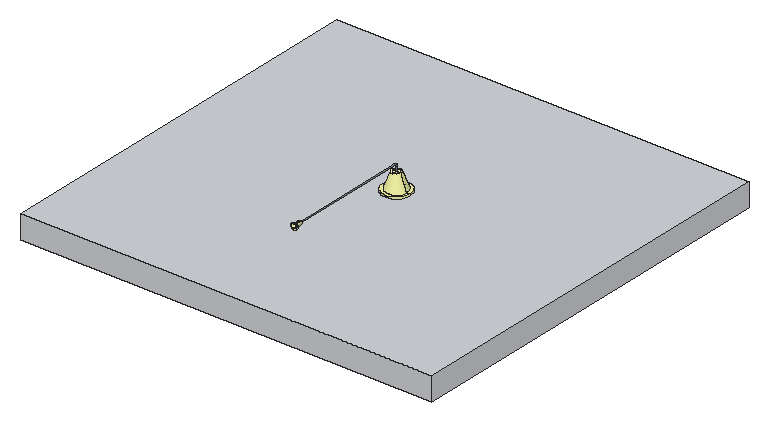
Revit family "ES_Pull Cord Switch", category Lighting Devices, host Face, Revit 2013
Parameters (values of type "1 Gang")
  Switch Voltage = 230 V
  Load Classification = Other
  Label = ""
  Default Elevation = 1200 mm
  Cord Length [instance] = 400 mm
  Cord = Cord
  Bell = Face Plate
  Assembly Code = ""
  Apparent Load = 0 VA
Reference planes
  plane 1 "Center (Front/Back)": y = 0
  plane 2: z = 0
  plane 3 "Center (Left/Right)": x = 0
  plane 4 "level above": z = 4.762
  plane 5 "level below": z = -53.975
  plane 6: x = -43
  plane 7: x = 43
  plane 8: y = 43
  plane 9: y = -43
  plane 10: y = 32
  plane 11: y = -32
  plane 12: x = -32
  plane 13: x = 32
  plane 14: z = 54.762
  plane 15: y = -400
  plane 16: y = -375
  plane 17: y = -376
  plane 18: y = -399
  plane 19: x = -3
  plane 20: x = -10
  plane 21: x = -8
  plane 22: x = -3
  plane 23: x = -10
  plane 24: x = -8
  plane 25 "Rope": z = 75
  plane 26: z = 85
  plane 27: z = 78
Forms (mm)
  Extrusion 1, solid
    sketch origin (0, 0, 0) x (1, 0, 0) y (0, 1, 0)
      loop
        line (-644.525, 571.5) -> (-644.525, -666.75) -> (644.525, -666.75) -> (644.525, 571.5) -> (-644.525, 571.5)
    from 0 to -72.672
  Revolve 2, solid, material "Face Plate"
    sketch origin (0, 0, 0) x (1, 0, 0) y (0, 0, 1)
      loop
        line (-43, 0) -> (0, 0) -> (0, 50.763) -> (-2, 50.763) -> (-2, 54.763) -> (-12.401, 54.763)
        arc (-12.401, 54.763) -> (-13.548, 54.401) -> (-14.28, 53.447) r 2
        line (-14.28, 53.447) -> (-32, 4.763) -> (-43, 4.763) -> (-43, 0)
      axis (0, 54.763) -> (0, 0)
    angle from 0 to 360
  Sweep 3, solid, material "Cord" <- "Cord"
    path origin (0, 930, 0) x (0, -1, 0) y (0, 0, 1)
      loop
        line (930, 54.762) -> (930, 70)
        arc (930, 70) -> (931.464, 73.536) -> (935, 75) r 5
        line (935, 75) -> (1305, 75)
    profile origin (0, -190, 75) x (0, 0, 1) y (-1, 0, 0)
      loop
        circle (0, 0) r 1.5
  Revolve 4, solid, material "Face Plate" <- "Bell"
    sketch origin (0, 0, 0) x (0, 1, 0) y (0, 0, 1)
      loop
        line (-400, 85) -> (-400, 82.181) -> (-376, 77.08) -> (-376, 75) -> (-375, 75) -> (-375, 78) -> (-399, 83.101) -> (-399, 85) -> (-400, 85)
      axis (-400, 75) -> (-375, 75)
    angle from 0 to 360
Lines and regions (mm)
  symbolic lines, detail levels fine
    curve 1: line (19.05, 0, -53.975) -> (-19.41, 0, -53.975)
    curve 2: line (19.05, 0, 0) -> (19.05, 0, -53.975)
    curve 3: line (-19.41, 0, -53.975) -> (-19.41, 0, 0)
Dimensions and locks
  locked: plane 4 "level above" to level at 4.763
  locked: level to plane 5 "level below" at 53.975
  plane 6 to plane 3 "Center (Left/Right)" to plane 7 = 43 mm, 43 mm
  plane 6 to plane 7 = 86 mm
  plane 1 "Center (Front/Back)" to plane 9 = 43 mm
  plane 1 "Center (Front/Back)" to plane 8 = 43 mm
  plane 12 to plane 3 "Center (Left/Right)" to plane 13 = 32 mm, 32 mm
  plane 10 to plane 1 "Center (Front/Back)" to plane 11 = 32 mm, 32 mm
  plane 12 to plane 13 = 64 mm
  plane 10 to plane 11 = 64 mm
  "Cord Length": plane 1 "Center (Front/Back)" to plane 15
  locked: plane 16 to plane 15 at 25
  locked: plane 18 to plane 15 at 1
  locked: plane 16 to plane 17 at 1
  plane 25 "Rope" to level = 75 mm
  aligned and locked: plane 2 to Extrusion 1
  aligned and locked: level to Extrusion 1
Automatic sketch dimensions
  curve 1 to plane 5 "level below" = 0 mm
  plane 12 to curve 1 = 12.59 mm
  curve 2 to level = 0 mm
  curve 3 to level = 0 mm
  curve 2 to plane 13 = 12.95 mm
  Extrusion 1 sketch curve to Extrusion 1 sketch curve = 1289.05 mm
  Extrusion 1 sketch curve to Extrusion 1 sketch curve = 1238.25 mm
  Revolve 2 sketch curve to level = 0 mm
  Revolve 2 sketch curve to plane 6 = 0 mm
  Revolve 2 sketch curve to plane 4 "level above" = 0 mm
  Revolve 2 sketch curve to plane 12 = 0 mm
  Revolve 2 sketch curve to plane 14 = 0 mm
  Revolve 2 sketch curve to plane 3 "Center (Left/Right)" = 0 mm  (x2)
  Revolve 2 sketch curve to plane 14 = 4 mm
  Revolve 2 sketch curve to plane 14 = 1.316 mm
  Revolve 2 sketch curve to plane 3 "Center (Left/Right)" = 14.28 mm
  Revolve 2 sketch curve to Revolve 2 sketch curve = 1.879 mm
  Revolve 2 sketch curve to Revolve 2 sketch curve = 2 mm
  Revolve 2 sketch curve to level = 26.301 mm
  plane 14 to Revolve 2 sketch curve = 16.989 mm
  profile plane to Sweep 3 sketch curve = 0 mm
  Sweep 3 sketch curve to profile plane = 0 mm
  Sweep 3 sketch curve to plane 1 "Center (Front/Back)" = 0 mm
  Sweep 3 sketch curve to plane 25 "Rope" = 0 mm
  Sweep 3 sketch curve to plane 25 "Rope" = 5 mm
  Sweep 3 sketch curve to plane 16 = 0 mm
  Sweep 3 sketch curve to plane 14 = 0 mm
  Revolve 4 sketch curve to plane 15 = 0 mm
  Revolve 4 sketch curve to plane 18 = 0 mm
  Revolve 4 sketch curve to plane 17 = 0 mm
  Revolve 4 sketch curve to plane 16 = 0 mm
  Revolve 4 sketch curve to plane 25 "Rope" = 0 mm  (x2)
  Revolve 4 sketch curve to plane 27 = 0 mm
  Revolve 4 sketch curve to plane 26 = 0 mm
  plane 18 to Revolve 4 sketch curve = 1.603 mm
  Revolve 4 sketch curve to plane 17 = 9.397 mm
  Revolve 4 sketch curve to plane 27 = 0.92 mm
  plane 27 to Revolve 4 sketch curve = 4.181 mm
  Revolve 4 sketch curve to Revolve 4 sketch curve = 0.92 mm
  radius of Sweep 3 sketch curve = 1.5 mm
Nested families
  nested 1: "SW_PC" at (0, 0, 0), type "SW_PC"
Connectors
  electrical at (0, 0, 0)
    settings: on Revolve 2, index 1, voltage 0 V, apparent load 0 VA, apparent load phase1 0 VA, apparent load phase2 0 VA, apparent load phase3 0 VA, power factor 1, load classification "Other", number of poles 1, system type 31, power factor state 1, is connector primary yes, connector utility no, sub classification motor no, connector description ""
Definition of nested family "SW_PC"
  Reference planes
    plane 1: y = 0
    plane 2: x = 0
  Lines and regions (mm)
    Filled region 1, type "Filled region 1"
      outline origin (0, 2.5, 0) x (1, 0, 0) y (0, 1, 0)
        loop
          circle (0, 0.837) r 0.85
    Filled region 2, type "Filled region 1"
      outline origin (0, 0, 0) x (1, 0, 0) y (0, 1, 0)
        loop
          line (-0.424, 0.734) -> (0, 0) -> (0.424, 0.734) -> (-0.424, 0.734)
    detail lines, style "Switch Symbols"
      curve 1: line (0, 3.337, 0) -> (3.157, 6.494, 0)
      curve 2: line (0, 2.487, 0) -> (0, 2.176, 0)
      curve 3: line (0, 2.176, 0) -> (-0.84, 1.87, 0)
      curve 4: line (-0.84, 1.87, 0) -> (0.829, 1.603, 0)
      curve 5: line (0.829, 1.603, 0) -> (0, 1.301, 0)
      curve 6: line (0, 1.301, 0) -> (0, 0.734, 0)
      curve 7: line (0, 0, 0) -> (-0.424, 0.734, 0)
      curve 8: line (0, 0, 0) -> (0.424, 0.734, 0)
      curve 9: line (-0.424, 0.734, 0) -> (0.424, 0.734, 0)
